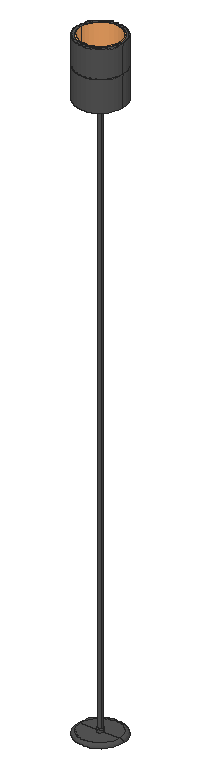
Revit family "MELO CYLINDER PENDANT LIGHT", category Lighting Fixtures, host Face, Revit 2020 (continued)
Types (16): name | Wattage_Input | Wattage Comments | Wattage | Voltage_Input | Size 08 | Size 06 | Size 04 | Selectable Wattage | Photometric Web File | Pendent Rod Length_1 | Pendent | Order number | built-in parameter 1150142 | Model | built-in parameter 1150105 | Lumens | built-in parameter 1150106 | Fixture Diameter | Canopy for Surface Mount J-box | Canopy for Recessed J-Box | Canopy Height | C2 H | C1 H | BEAMING ANGLE
     \r\n 0.15     0.15     0.15     0.14     0.14     0.14     0.14     0.14     0.14     0.14     \r\n 0.15     0.15     0.15     0.15     0.15     0.16     0.18     0.18     0.20     0.21     \r\n 0.22     0.24     0.25     0.29     0.29     0.31     0.39     0.39     0.44     0.45     \r\n 0.52     0.53     0.58     0.68     0.70     0.80     0.88     0.96     1.08     1.19     \r\n 1.35     1.52     1.70     1.92     2.17     2.47     2.83     3.20     3.66     4.16     \r\n 4.72     5.36     6.05     6.79     7.62     8.50     9.42     10.35    11.32    12.34    \r\n 13.37    14.37    15.38    16.33    17.26    18.11    18.89    19.59    20.22    20.76    \r\n 21.25    21.65    21.93    22.17    22.34    22.50    22.64    22.71    22.79    22.79    \r\n 22.51    \r\n22515.03 22397.94 22112.62 21545.33 20714.38 19737.70 18643.67 17488.57 16208.19 14877.45 \r\n 13463.47 12031.49 10669.07 9405.00  8214.82  7130.43  6155.95  5282.52  4512.93  3846.78  \r\n 3322.41  2799.31  2394.48  2044.51  1748.57  1488.65  1273.76  1087.63  935.72   806.41   \r\n 702.32   616.04   543.09   482.65   429.28   383.63   340.83   302.03   263.32   231.85   \r\n 204.88   179.89   154.25   131.17   110.55   92.88    78.49    66.80    56.75    49.17    \r\n 41.56    36.62    34.30    32.60    31.50    30.19    28.80    27.58    26.57    25.68    \r\n 24.68    23.67    22.62    21.55    20.50    19.43    18.40    17.36    16.33    15.34    \r\n 14.36    13.42    12.49    11.57    10.69    9.83     9.00     8.18     7.39     6.63     \r\n 5.91     5.18     4.49     3.81     3.17     2.54     1.92     1.32     0.75     0.20     \r\n 0.10     0.10     0.10     0.10     0.10     0.11     0.11     0.11     0.11     0.12     \r\n 0.12     0.13     0.13     0.13     0.13     0.14     0.14     0.14     0.14     0.15     \r\n 0.15     0.16     0.17     0.17     0.17     0.19     0.20     0.21     0.22     0.23     \r\n 0.25     0.26     0.28     0.30     0.31     0.34     0.37     0.40     0.43     0.47     \r\n 0.50     0.56     0.61     0.66     0.72     0.80     0.89     0.98     1.09     1.22     \r\n 1.36     1.53     1.71     1.92     2.17     2.46     2.80     3.17     3.60     4.10     \r\n 4.65     5.26     5.94     6.68     7.50     8.39     9.31     10.26    11.26    12.27    \r\n 13.29    14.29    15.27    16.21    17.13    17.99    18.75    19.46    20.08    20.65    \r\n 21.12    21.54    21.90    22.21    22.46    22.70    22.89    23.00    23.01    23.00    \r\n 22.51    \r\n22472.71 22310.00 21976.64 21370.49 20509.06 19525.56 18444.14 17257.05 15983.46 14631.08 \r\n 13215.02 11787.12 10430.12 9184.22  8032.37  6982.41  6025.71  5174.14  4433.47  3783.11  \r\n 3231.31  2766.86  2374.63  2032.39  1740.88  1485.53  1287.48  1089.88  937.29   807.29   \r\n 703.78   615.42   543.78   482.15   429.19   383.55   340.32   302.12   265.38   233.96   \r\n 207.24   181.48   155.93   133.49   111.08   92.95    78.47    66.59    56.16    48.75    \r\n 40.86    36.31    33.93    32.30    31.09    29.83    28.59    27.50    26.41    25.49    \r\n 24.52    23.47    22.43    21.36    20.29    19.23    18.19    17.16    16.15    15.17    \r\n 14.18    13.25    12.30    11.37    10.49    9.65     8.82     8.03     7.24     6.49     \r\n 5.77     5.06     4.38     3.69     3.07     2.43     1.82     1.25     0.64     0.18     \r\n 0.13     0.13     0.13     0.13     0.13     0.13     0.13     0.13     0.13     0.13     \r\n 0.13     0.13     0.13     0.13     0.13     0.13     0.13     0.13     0.14     0.14     \r\n 0.14     0.14     0.14     0.15     0.16     0.16     0.21     0.21     0.21     0.22     \r\n 0.22     0.23     0.26     0.29     0.29     0.31     0.36     0.37     0.42     0.44     \r\n 0.50     0.53     0.58     0.66     0.71     0.80     0.87     0.97     1.11     1.22     \r\n 1.36     1.56     1.72     1.94     2.22     2.50     2.84     3.24     3.68     4.17     \r\n 4.74     5.38     6.07     6.81     7.64     8.52     9.44     10.36    11.33    12.34    \r\n 13.39    14.37    15.38    16.33    17.23    18.06    18.83    19.52    20.14    20.68    \r\n 21.12    21.51    21.84    22.14    22.40    22.62    22.80    22.93    23.00    23.00    \r\n 22.51    \r\n22445.58 22306.43 21976.51 21403.08 20567.91 19591.14 18527.48 17367.30 16091.51 14753.87 \r\n 13352.21 11931.42 10563.42 9304.40  8145.50  7091.74  6131.93  5270.94  4523.52  3870.11  \r\n 3355.99  2843.06  2441.43  2090.63  1793.38  1529.94  1310.14  1118.00  960.85   827.58   \r\n 719.84   629.71   554.04   491.80   437.04   390.05   345.77   306.97   271.35   235.83   \r\n 208.72   183.53   157.72   134.55   113.44   94.97    79.88    67.67    57.02    49.08    \r\n 41.51    36.64    34.17    32.34    31.22    29.95    28.74    27.64    26.47    25.42    \r\n 24.51    23.44    22.39    21.32    20.26    19.19    18.14    17.12    16.10    15.11    \r\n 14.15    13.23    12.29    11.39    10.53    9.67     8.86     8.04     7.27     6.52     \r\n 5.80     5.09     4.41     3.74     3.10     2.48     1.86     1.28     0.70     0.18     \r\n 0.09     0.10     0.10     0.10     0.10     0.11     0.11     0.11     0.11     0.12     \r\n 0.13     0.13     0.13     0.13     0.13     0.14     0.14     0.14     0.15     0.15     \r\n 0.16     0.16     0.17     0.17     0.18     0.19     0.20     0.21     0.22     0.23     \r\n 0.25     0.26     0.27     0.29     0.32     0.34     0.37     0.40     0.43     0.47     \r\n 0.51     0.56     0.60     0.65     0.72     0.79     0.88     0.98     1.08     1.22     \r\n 1.36     1.52     1.71     1.92     2.16     2.45     2.78     3.17     3.60     4.08     \r\n 4.63     5.26     5.92     6.66     7.46     8.36     9.29     10.24    11.24    12.24    \r\n 13.26    14.25    15.22    16.16    17.07    17.91    18.69    19.38    20.00    20.54    \r\n 20.97    21.37    21.68    21.92    22.14    22.34    22.53    22.68    22.81    22.86    \r\n 22.51    \r\n22409.54 22240.85 21873.11 21245.05 20388.63 19399.07 18329.32 17136.71 15876.22 14513.16 \r\n 13100.76 11702.03 10343.86 9106.42  7963.57  6903.33  5957.82  5109.17  4378.40  3741.28  \r\n 3199.93  2744.98  2356.59  2020.02  1731.85  1482.16  1285.38  1088.99  936.83   806.88   \r\n 704.64   616.04   543.79   481.90   428.32   381.96   338.36   300.01   263.93   232.78   \r\n 206.46   180.76   155.57   133.38   111.21   93.10    78.42    66.42    55.60    48.03    \r\n 40.56    36.34    33.91    32.23    31.05    29.76    28.48    27.41    26.19    25.24    \r\n 24.34    23.26    22.22    21.15    20.08    19.03    17.98    16.95    15.96    14.98    \r\n 13.99    13.08    12.14    11.25    10.34    9.51     8.71     7.92     7.14     6.40     \r\n 5.69     4.98     4.32     3.65     3.01     2.39     1.78     1.21     0.61     0.17     \r\n 0.13     0.13     0.13     0.13     0.13     0.13     0.13     0.13     0.13     0.13     \r\n 0.13     0.13     0.13     0.13     0.14     0.14     0.14     0.15     0.16     0.16     \r\n 0.16     0.16     0.16     0.16     0.16     0.16     0.17     0.21     0.21     0.22     \r\n 0.23     0.24     0.25     0.29     0.30     0.31     0.39     0.39     0.44     0.46     \r\n 0.50     0.53     0.58     0.68     0.70     0.77     0.85     0.96     1.06     1.19     \r\n 1.34     1.50     1.68     1.91     2.16     2.45     2.80     3.19     3.63     4.13     \r\n 4.69     5.31     6.00     6.74     7.56     8.44     9.36     10.29    11.26    12.28    \r\n 13.33    14.32    15.31    16.26    17.16    17.99    18.76    19.44    20.03    20.55    \r\n 20.96    21.29    21.57    21.76    21.91    22.10    22.27    22.42    22.54    22.62    \r\n 22.51    \r\n22388.27 22252.58 21896.54 21293.60 20458.92 19484.39 18411.88 17255.95 15983.48 14649.09 \r\n 13245.11 11826.39 10476.20 9216.00  8035.89  6972.29  6012.15  5162.46  4419.77  3770.65  \r\n 3264.31  2759.19  2367.65  2026.58  1739.06  1485.20  1274.72  1091.66  940.77   811.82   \r\n 707.82   620.62   547.25   485.64   431.84   384.71   341.80   302.86   264.02   233.39   \r\n 206.76   181.30   155.85   132.92   112.42   94.61    79.74    67.33    56.02    48.10    \r\n 40.58    36.27    33.82    32.02    30.85    29.58    28.36    27.26    26.19    25.24    \r\n 24.30    23.24    22.18    21.12    20.06    19.01    17.97    16.94    15.95    14.98    \r\n 14.01    13.09    12.16    11.27    10.41    9.57     8.77     7.96     7.19     6.43     \r\n 5.74     5.02     4.35     3.69     3.05     2.43     1.82     1.25     0.68     0.16     \r\n 0.09     0.09     0.09     0.09     0.09     0.09     0.09     0.11     0.11     0.12     \r\n 0.12     0.12     0.12     0.13     0.13     0.13     0.14     0.14     0.14     0.15     \r\n 0.15     0.16     0.17     0.17     0.17     0.17     0.20     0.21     0.21     0.23     \r\n 0.24     0.26     0.28     0.29     0.31     0.34     0.37     0.40     0.43     0.46     \r\n 0.50     0.54     0.59     0.65     0.72     0.79     0.86     0.95     1.07     1.18     \r\n 1.32     1.49     1.67     1.87     2.11     2.40     2.73     3.10     3.53     4.01     \r\n 4.55     5.17     5.84     6.57     7.38     8.27     9.20     10.15    11.15    12.15    \r\n 13.19    14.21    15.17    16.12    17.03    17.89    18.66    19.38    20.00    20.54    \r\n 20.96    21.30    21.57    21.76    21.91    22.07    22.23    22.37    22.50    22.56    \r\n 22.51    \r\n22351.28 22196.18 21805.04 21169.27 20312.32 19306.80 18230.33 17040.46 15793.15 14422.22 \r\n 13004.11 11606.75 10246.71 8978.22  7837.94  6784.78  5840.27  5001.48  4268.46  3640.24  \r\n 3107.43  2655.37  2272.18  1947.87  1672.03  1433.26  1246.23  1059.60  915.28   791.12   \r\n 692.46   607.41   537.90   477.81   425.73   379.79   337.84   299.65   263.27   232.47   \r\n 206.31   180.30   154.95   133.12   111.32   93.77    79.25    66.72    55.00    47.29    \r\n 39.62    35.68    33.24    31.64    30.43    29.18    27.97    26.92    25.92    25.08    \r\n 24.16    23.09    22.04    20.98    19.93    18.88    17.85    16.83    15.85    14.88    \r\n 13.90    12.97    12.04    11.17    10.29    9.46     8.64     7.86     7.09     6.35     \r\n 5.64     4.95     4.29     3.61     2.98     2.37     1.77     1.20     0.58     0.16     \r\n 0.13     0.13     0.13     0.13     0.13     0.13     0.13     0.14     0.14     0.14     \r\n 0.14     0.14     0.14     0.14     0.14     0.15     0.15     0.15     0.15     0.15     \r\n 0.15     0.15     0.15     0.15     0.15     0.17     0.17     0.19     0.21     0.22     \r\n 0.22     0.23     0.24     0.28     0.28     0.31     0.35     0.36     0.40     0.44     \r\n 0.47     0.51     0.56     0.62     0.68     0.76     0.83     0.93     1.03     1.16     \r\n 1.30     1.47     1.65     1.86     2.12     2.40     2.75     3.12     3.56     4.07     \r\n 4.61     5.25     5.92     6.67     7.49     8.36     9.29     10.22    11.21    12.22    \r\n 13.26    14.27    15.29    16.25    17.15    17.99    18.76    19.47    20.08    20.60    \r\n 21.03    21.36    21.63    21.81    21.97    22.10    22.24    22.35    22.43    22.47    \r\n 22.51    \r\n22282.58 22103.97 21683.61 21029.95 20145.30 19144.52 18032.53 16863.07 15557.83 14222.39 \r\n 12807.82 11408.44 10067.65 8810.06  7653.75  6621.41  5690.65  4868.93  4153.85  3541.50  \r\n 3060.61  2580.87  2208.23  1890.32  1624.65  1393.08  1200.08  1031.41  892.59   773.45   \r\n 677.15   596.42   527.78   470.54   420.28   375.27   335.16   296.41   257.76   228.11   \r\n 202.51   176.66   151.70   129.32   109.49   92.53    78.23    65.68    54.07    46.42    \r\n 38.79    35.05    32.69    31.17    30.02    28.75    27.53    26.52    25.62    24.85    \r\n 23.88    22.81    21.77    20.73    19.68    18.63    17.61    16.61    15.62    14.66    \r\n 13.72    12.79    11.88    11.01    10.16    9.32     8.53     7.73     6.97     6.25     \r\n 5.54     4.85     4.18     3.53     2.91     2.30     1.69     1.12     0.57     0.10     \r\n 0.09     0.10     0.10     0.10     0.10     0.11     0.11     0.11     0.11     0.12     \r\n 0.12     0.12     0.12     0.13     0.13     0.13     0.14     0.14     0.14     0.14     \r\n 0.15     0.15     0.16     0.17     0.18     0.18     0.20     0.21     0.21     0.22     \r\n 0.24     0.26     0.27     0.29     0.31     0.34     0.37     0.40     0.43     0.47     \r\n 0.50     0.55     0.60     0.65     0.72     0.79     0.87     0.97     1.08     1.19     \r\n 1.33     1.50     1.68     1.89     2.13     2.43     2.76     3.14     3.56     4.07     \r\n 4.63     5.25     5.91     6.65     7.47     8.37     9.31     10.27    11.27    12.27    \r\n 13.30    14.29    15.26    16.20    17.11    17.94    18.71    19.39    20.00    20.53    \r\n 20.95    21.32    21.60    21.80    21.99    22.16    22.31    22.43    22.50    22.50    \r\n 22.51    \r\n22256.44 22080.22 21665.87 21020.50 20153.14 19139.56 18041.41 16833.50 15559.72 14208.28 \r\n 12787.53 11382.62 10032.39 8792.66  7653.09  6622.04  5701.15  4888.42  4181.94  3573.23  \r\n 3056.10  2622.03  2253.10  1933.14  1660.15  1420.47  1233.14  1046.21  902.71   779.47   \r\n 682.40   598.69   531.19   472.45   421.65   377.00   336.69   297.95   260.86   230.86   \r\n 205.12   179.06   154.18   132.50   110.86   93.45    79.11    66.57    54.80    46.97    \r\n 39.13    35.22    32.71    31.11    29.96    28.71    27.52    26.47    25.51    24.76    \r\n 23.86    22.82    21.79    20.75    19.71    18.66    17.64    16.64    15.66    14.70    \r\n 13.73    12.79    11.87    10.99    10.14    9.29     8.48     7.70     6.97     6.25     \r\n 5.54     4.86     4.20     3.54     2.91     2.30     1.71     1.13     0.50     0.15     \r\n 0.13     0.13     0.13     0.13     0.13     0.13     0.13     0.13     0.13     0.13     \r\n 0.13     0.13     0.13     0.14     0.14     0.14     0.15     0.15     0.15     0.15     \r\n 0.15     0.15     0.16     0.16     0.16     0.16     0.16     0.19     0.21     0.22     \r\n 0.21     0.22     0.24     0.28     0.28     0.31     0.35     0.36     0.39     0.44     \r\n 0.48     0.52     0.57     0.62     0.69     0.76     0.83     0.95     1.04     1.17     \r\n 1.32     1.47     1.65     1.87     2.12     2.41     2.75     3.12     3.56     4.05     \r\n 4.61     5.23     5.91     6.65     7.45     8.33     9.25     10.17    11.14    12.13    \r\n 13.18    14.17    15.16    16.10    17.00    17.83    18.58    19.26    19.86    20.37    \r\n 20.78    21.13    21.42    21.64    21.86    22.02    22.19    22.26    22.39    22.42    \r\n 22.51    \r\n22240.21 22131.44 21793.66 21230.05 20433.02 19472.43 18391.36 17224.00 15936.76 14622.88 \r\n 13204.86 11789.78 10429.63 9158.68  7981.96  6927.34  5974.25  5126.52  4390.97  3750.85  \r\n 3254.88  2760.12  2378.95  2044.71  1757.61  1504.77  1290.27  1103.15  949.02   817.10   \r\n 711.63   623.96   550.35   489.55   435.92   390.13   348.50   310.00   273.32   236.77   \r\n 210.49   185.52   160.25   137.44   116.93   98.80    83.57    70.50    58.39    49.86    \r\n 41.48    36.21    33.61    31.43    30.27    29.04    27.82    26.73    25.69    24.86    \r\n 23.99    22.99    21.96    20.92    19.88    18.83    17.80    16.78    15.78    14.81    \r\n 13.85    12.93    12.00    11.12    10.26    9.42     8.61     7.81     7.05     6.32     \r\n 5.62     4.92     4.28     3.64     3.03     2.43     1.82     1.22     0.61     0.12     \r\n 0.10     0.10     0.10     0.10     0.10     0.11     0.11     0.11     0.11     0.12     \r\n 0.12     0.12     0.13     0.14     0.13     0.14     0.14     0.15     0.14     0.15     \r\n 0.15     0.16     0.16     0.17     0.18     0.19     0.20     0.20     0.21     0.22     \r\n 0.24     0.26     0.27     0.29     0.31     0.33     0.36     0.39     0.42     0.45     \r\n 0.49     0.54     0.58     0.64     0.70     0.77     0.85     0.93     1.04     1.16     \r\n 1.30     1.45     1.62     1.81     2.05     2.35     2.65     3.01     3.42     3.90     \r\n 4.43     5.02     5.68     6.40     7.17     8.03     8.96     9.90     10.88    11.86    \r\n 12.87    13.85    14.83    15.76    16.65    17.50    18.28    18.96    19.55    20.08    \r\n 20.54    20.92    21.24    21.49    21.70    21.88    22.03    22.16    22.25    22.32    \r\n 22.51    \r\n22228.30 22131.72 21830.41 21288.01 20519.29 19587.63 18518.45 17325.83 1605
